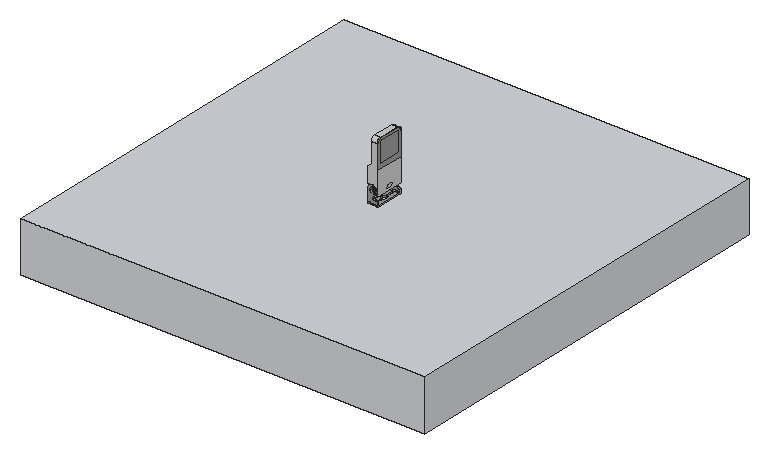
Revit family "LAMP_MINI FLUT G2 STREET", category Modelos genéricos, Revit 2015
Parameters (values of type "3126LM 4000 ANTHRACITE")
  Weight = 4.104 kg
  Type = "HIGH POWER PHILIPS"
  Tilting angle [instance] = 90.00°
  Tilting [instance] = if(Tilting angle = 0.00°, 1.00°, if(Tilting angle > 120.00°, 120.00°, if(Tilting angle < -30.00°, 120.00°, if(Tilting angle < 0.00°, 90.00° - Tilting angle, Tilting angle))))  # 90.00°
  Protection rating = "IP66 / IK06"
  Product datasheet = "http://www.lamp.es/product-files/TECH/MF235ST740NA-EN.pdf"
  Product code = "MF235ST740NA"
  Product URL = "https://www.lamp.es/en/family/flut_33511"
  Power Supply = "220-240V 50-60Hz"
  Power = 23 W
  Plum = 25.5 W
  Photometric web file = Cuerpo MiniFlut G2 - Street : 3126LM 4000 ANTHRACITE
  Modelo = Product code  # "MF235ST740NA"
  Model explanation = "Availability of tilting between 0º and -30º (or 120º) when placed in a project."
  Material cuerpo = LAMP_Aluminio Cuerpo Flut GR
  Material Rótula = LAMP_Acero inoxidable AISI 304
  Manufacturer name = "LAMP"
  Manufacturer country = "Spain"
  Manufacturer URL = "http://www.lamp.es/en"
  MacAdam = "4"
  Luminaire type = "OUTDOOR - FLOODLIGHT"
  Last update = "20/08/2019"
  Lamp = "HIGH POWER LED"
  LED Lifetime = "50.000 L90 B10"
  Insulation class = "I"
  Installation instructions = "https://www.lamp.es/product-files/INS/1004710-A-INSTR.%20MINI%20FLUT%20G2.pdf"
  Initial intensity = 3126 lm
  Initial color = 4000 K
  IEE = "A++"
  Gear = "Electronic"
  Finish = "Textured anthracite grey"
  Fabricante = Manufacturer name  # "LAMP"
  Default Elevation = 1219.2 mm
  Efficacy = 122.6 lm/W
  Dimensions = "369 x 176 x 60"
  Descripción = "MINI FLUT G2 3500 NW STREET ANT."
  CRI = "70"
Types (4, lengths in mm): name | Product datasheet | Product code | Power | Plum | Photometric web file | Modelo | LED Lifetime | Initial intensity | IEE | Finish | Efficacy | Descripción
  3126LM 4000 ANTHRACITE | "http://www.lamp.es/product-files/TECH/MF235ST740NA-EN.pdf" | "MF235ST740NA" | 23 W | 25.5 W | Cuerpo MiniFlut G2 - Street : 3126LM 4000 ANTHRACITE | "MF235ST740NA" | "50.000 L90 B10" | 3126 lm | "A++" | "Textured anthracite grey" | 122.6 lm/W | "MINI FLUT G2 3500 NW STREET ANT."
  3126LM 4000 GREY | "http://www.lamp.es/product-files/TECH/MF235ST740NG-EN.pdf" | "MF235ST740NG" | 23 W | 25.5 W | Cuerpo MiniFlut G2 - Street : 3126LM 4000 GREY | "MF235ST740NG" | "50.000 L90 B10" | 3126 lm | "A++" | "Texturised grey" | 122.6 lm/W | "MINI FLUT G2 3500 NW STREET GR."
  5546LM 4000 ANTHRACITE | "http://www.lamp.es/product-files/TECH/MF265ST740NA-EN.pdf" | "MF265ST740NA" | 44 W | 48.7 W | Cuerpo MiniFlut G2 - Street : 5546LM 4000 ANTHRACITE | "MF265ST740NA" | "60.000 L80 B10" | 5546 lm | "A+" | "Textured anthracite grey" | 113.9 lm/W | "MINI FLUT G2 6500 NW STREET ANT."
  5546LM 4000 GREY | "http://www.lamp.es/product-files/TECH/MF265ST740NG-EN.pdf" | "MF265ST740NG" | 44 W | 48.7 W | Cuerpo MiniFlut G2 - Street : 5546LM 4000 GREY | "MF265ST740NG" | "60.000 L80 B10" | 5546 lm | "A+" | "Texturised grey" | 113.9 lm/W | "MINI FLUT G2 6500 NW STREET GR."
Reference planes
  plane 1 "Centro (Frontal/Posterior)": y = 0
  plane 2: z = 0
  plane 3 "Centro (Izquierda/Derecha)": x = 0
Forms (mm)
  Extrusion 1, solid
    sketch origin (0, 0, 0) x (1, 0, 0) y (0, 1, 0)
      loop
        line (-1219.2, 1219.2) -> (-1219.2, -1219.2) -> (1219.2, -1219.2) -> (1219.2, 1219.2) -> (-1219.2, 1219.2)
    from 0 to -304.8
  Extrusion 2, solid, material "LAMP_Acero inoxidable AISI 304" <- "Material Rótula"
    sketch origin (0, 0, 0) x (1, 0, 0) y (0, 0, 1)
      loop
        line (-30, 0) -> (30, 0) -> (30, 24) -> (1.866, 40.243)
        arc (1.866, 40.243) -> (1.4, 40.851) -> (1.499, 41.609) r 1
        line (1.499, 41.609) -> (17.741, 69.741)
        arc (17.741, 69.741) -> (3.441, 108.913) -> (-30, 84) r 26
        line (-30, 84) -> (-30, 0)
      loop
        arc (-4.884, 104.481) -> (-5.964, 103.952) -> (-6.308, 102.8) r 1.5
        line (-6.308, 102.8) -> (-5.758, 98.315)
        arc (-5.758, 98.315) -> (-5.252, 97.365) -> (-4.241, 96.998) r 1.5
        arc (-4.241, 96.998) -> (7.873, 89.294) -> (5.508, 75.134) r 13
        arc (5.508, 75.134) -> (5.105, 74.085) -> (5.544, 73.05) r 1.5
        line (5.544, 73.05) -> (8.727, 69.867)
        arc (8.727, 69.867) -> (9.808, 69.428) -> (10.877, 69.896) r 1.5
        arc (10.877, 69.896) -> (14.654, 92.501) -> (-4.884, 104.481) r 20.5
    from -88 to 88
  Extrusion 3, void
    sketch origin (0, 0, 0) x (0, 1, 0) y (0, 0, 1)
      loop
        line (-83, 131) -> (-83, 10)
        arc (-83, 10) -> (-81.536, 6.464) -> (-78, 5) r 5
        line (-78, 5) -> (78, 5)
        arc (78, 5) -> (81.536, 6.464) -> (83, 10) r 5
        line (83, 10) -> (83, 131) -> (-83, 131)
      loop
        arc (88, 10) -> (85.071, 2.929) -> (78, 0) r 10
        line (78, 0) -> (78, -5) -> (93, -5) -> (93, 10) -> (88, 10)
      loop
        line (-88, 10) -> (-93, 10) -> (-93, -5) -> (-78, -5) -> (-78, 0)
        arc (-78, 0) -> (-85.071, 2.929) -> (-88, 10) r 10
    from -30 to 30
  Blend 4, void
    base sketch origin (0, 0, 0) x (1, 0, 0) y (0, 0, 1)
      loop
        circle (-4, 83.75) r 6.25
    top sketch origin (0, 0, 0) x (1, 0, 0) y (0, 0, 1)
      loop
        circle (-4, 83.75) r 10.75
    from 83 to 88
  Extrusion 5, void
    sketch origin (0, 0, 0) x (1, 0, 0) y (0, 1, 0)
      loop
        circle (0, 0) r 17.5
      loop
        line (-5.15, 63) -> (-5.15, 27)
        arc (-5.15, 27) -> (0, 21.85) -> (5.15, 27) r 5.15
        line (5.15, 27) -> (5.15, 63)
        arc (5.15, 63) -> (0, 68.15) -> (-5.15, 63) r 5.15
      loop
        arc (-5.15, -63) -> (0, -68.15) -> (5.15, -63) r 5.15
        line (5.15, -63) -> (5.15, -27)
        arc (5.15, -27) -> (0, -21.85) -> (-5.15, -27) r 5.15
        line (-5.15, -27) -> (-5.15, -63)
    from 0 to 5
  Blend 6, void
    base sketch origin (0, 0, 0) x (1, 0, 0) y (0, 0, -1)
      loop
        circle (-4, -83.75) r 6.25
    top sketch origin (0, 0, 0) x (1, 0, 0) y (0, 0, -1)
      loop
        circle (-4, -83.75) r 10.8
    from 83 to 88
  Extrusion 7, solid, material "LAMP_Aluminio Cuerpo Flut GR" <- "Material cuerpo"
    sketch origin (29.441, 140.99, 113.067) x (0, 0, 1) y (0, -1, 0)
      loop
        arc (-37.083, 158.241) -> (-37.555, 158.046) -> (-37.75, 157.574) r 0.667
        line (-37.75, 157.574) -> (-37.75, 153.512)
        arc (-37.75, 153.512) -> (-37.621, 153.109) -> (-37.282, 152.856) r 0.693
        line (-37.282, 152.856) -> (-25.474, 148.793) -> (-37.218, 144.753)
        arc (-37.218, 144.753) -> (-37.536, 144.515) -> (-37.657, 144.137) r 0.651
        line (-37.657, 144.137) -> (-37.657, 141.211)
        arc (-37.657, 141.211) -> (-37.466, 140.75) -> (-37.005, 140.559) r 0.652
        line (-37.005, 140.559) -> (-25.4, 140.559) -> (-29.074, 136.885) -> (-25.4, 133.212) -> (-37.117, 133.212)
        arc (-37.117, 133.212) -> (-37.565, 133.026) -> (-37.75, 132.578) r 0.633
        line (-37.75, 132.578) -> (-37.75, 128.035)
        arc (-37.75, 128.035) -> (-37.549, 127.551) -> (-37.065, 127.35) r 0.685
        line (-37.065, 127.35) -> (-25.968, 127.35)
        arc (-25.968, 127.35) -> (-25.5, 127.156) -> (-25.306, 126.687) r 0.662
        line (-25.306, 126.687) -> (-25.306, 123.606)
        arc (-25.306, 123.606) -> (-25.506, 123.123) -> (-25.988, 122.923) r 0.682
        line (-25.988, 122.923) -> (-28.317, 122.923)
        arc (-28.317, 122.923) -> (-28.796, 123.122) -> (-28.995, 123.601) r 0.678
        line (-28.995, 123.601) -> (-28.995, 126.439)
        arc (-28.995, 126.439) -> (-29.732, 127.177) -> (-30.47, 126.439) r 0.738
        line (-30.47, 126.439) -> (-30.47, 122.109)
        arc (-30.47, 122.109) -> (-30.276, 121.642) -> (-29.809, 121.448) r 0.661
        line (-29.809, 121.448) -> (-24.525, 121.448)
        arc (-24.525, 121.448) -> (-24.034, 121.651) -> (-23.83, 122.142) r 0.694
        line (-23.83, 122.142) -> (-23.83, 128.14)
        arc (-23.83, 128.14) -> (-24.031, 128.625) -> (-24.516, 128.825) r 0.685
        line (-24.516, 128.825) -> (-35.608, 128.825)
        arc (-35.608, 128.825) -> (-36.093, 129.026) -> (-36.294, 129.511) r 0.686
        line (-36.294, 129.511) -> (-36.294, 131.029)
        arc (-36.294, 131.029) -> (-36.094, 131.511) -> (-35.612, 131.711) r 0.682
        line (-35.612, 131.711) -> (-25.189, 131.711)
        arc (-25.189, 131.711) -> (-23.701, 132.781) -> (-24.243, 134.531) r 1.569
        line (-24.243, 134.531) -> (-26.597, 136.885) -> (-24.243, 139.24)
        arc (-24.243, 139.24) -> (-23.701, 140.99) -> (-25.189, 142.06) r 1.569
        line (-25.189, 142.06) -> (-35.084, 142.06)
        arc (-35.084, 142.06) -> (-35.919, 142.767) -> (-35.359, 143.707) r 0.847
        line (-35.359, 143.707) -> (-24.593, 147.41)
        arc (-24.593, 147.41) -> (-23.65, 148.731) -> (-24.593, 150.053) r 1.397
        line (-24.593, 150.053) -> (-35.83, 153.917)
        arc (-35.83, 153.917) -> (-36.166, 154.168) -> (-36.294, 154.567) r 0.688
        line (-36.294, 154.567) -> (-36.294, 156.11)
        arc (-36.294, 156.11) -> (-36.102, 156.574) -> (-35.638, 156.766) r 0.656
        line (-35.638, 156.766) -> (-24.49, 156.766)
        arc (-24.49, 156.766) -> (-23.752, 157.504) -> (-24.49, 158.241) r 0.738
        line (-24.49, 158.241) -> (-37.083, 158.241)
    from 0.559 to 1.6
Cuts and joins
  Extrusion 3, Blend 4, Extrusion 5, Blend 6 cuts Extrusion 2
Text (mm)
  text "Any modification of the parameters and properties of the LAMP BIM models must be executed and validated by the LAMP technical department.\n\nPhone: +34 93 736 68 00\n\nE-mail: lamp@lamp.es\n\n\n\nLAMP reserves the right to modify the technical specifications of its products." at (-19092.501, 15531.228, -5809.229), in view "Preview"
Dimensions and locks
  aligned and locked: plane 2 to Extrusion 1
  aligned and locked: level to Extrusion 1
Nested families
  nested 1: "Cuerpo MiniFlut G2 - Street" at (-3.959, 0, -1416.007) x (-1, 0, 0) z (0, 0, 1), type <- "Photometric web file", type "3126LM 4000 ANTHRACITE"
Connectors
  electrical at (0, 0, 5)
    settings: on cut or joined group of Extrusion 2, Extrusion 3, Blend 4, Extrusion 5, Blend 6, index 1, voltage 230 V, apparent load 0 VA, apparent load phase1 0 VA, apparent load phase2 0 VA, apparent load phase3 0 VA, power factor 1, load classification "Otro", number of poles 1, system type 31, power factor state 1, is connector primary yes, connector utility no, sub classification motor no, connector description ""
Definition of nested family "Cuerpo MiniFlut G2 - Street"
  Parameters (values of type "3126LM 4000 ANTHRACITE")
    Tilt Angle = Tilting - 90.00°  # 0.00°
    Wattage = 25.5 W
    Tilting = 90.00°
    built-in parameter 1150107 = 4000 (stored number, unit not read)
    built-in parameter 1150110 = 1 (stored number, unit not read)
    built-in parameter 1150109 = 1 (stored number, unit not read)
    built-in parameter 1150112 = 1 (stored number, unit not read)
    built-in parameter 1150113 = 1 (stored number, unit not read)
    built-in parameter 1114218 = 1 (stored number, unit not read)
    built-in parameter 1150137 = (empty or 0)
    built-in parameter 1150132 = 2
    Material Opticas = none
    Material Cristal Transparente = none
    Material Cuerpo = none
    Material Cristal Serigrafiado = none
    built-in parameter 1150105 = 248.78 (stored number, unit not read)
    built-in parameter 1150102 = (empty or 0)
    built-in parameter 1150106 = 2.4878 (stored number, unit not read)
    Lumens = 3126.3 lm
    Color Filter = 16777215
    built-in parameter 1114217 = 1 (stored number, unit not read)
    built-in parameter 1150139 = (empty or 0)
    built-in parameter 1150104 = 11.39 (stored number, unit not read)
    built-in parameter 1150115 = 1 (stored number, unit not read)
    built-in parameter 1150114 = 1 (stored number, unit not read)
    built-in parameter 1150138 = (empty or 0)
    built-in parameter 1150134 = 12
    Dimming Lamp Color Temperature Shift = (empty or 0)
    Photometric Web File = "MF235ST740NA_180.IES"
    built-in parameter 1150133 = 10 (stored number, unit not read)
  Types (4, lengths in mm): name | Wattage | built-in parameter 1150105 | built-in parameter 1150106 | Lumens | built-in parameter 1150104 | Photometric Web File
    3126LM 4000 ANTHRACITE | 25.5 W | 248.78 (stored number, unit not read) | 2.4878 (stored number, unit not read) | 3126.3 lm | 11.39 (stored number, unit not read) | "MF235ST740NA_180.IES"
    3126LM 4000 GREY | 25.5 W | 248.78 (stored number, unit not read) | 2.4878 (stored number, unit not read) | 3126.3 lm | 11.39 (stored number, unit not read) | "MF235ST740NG_180.IES"
    5546LM 4000 ANTHRACITE | 48.7 W | 4749.1 (stored number, unit not read) | 47.491 (stored number, unit not read) | 5546.93 lm | 10.582 (stored number, unit not read) | "MF265ST740NA_180.IES"
    5546LM 4000 GREY | 48.7 W | 4749.1 (stored number, unit not read) | 47.491 (stored number, unit not read) | 5546.93 lm | 10.582 (stored number, unit not read) | "MF265ST740NG_180.IES"
  Reference planes
    plane 1 "Eje de origen de luz (F/P)": y = 0
    plane 2: z = 0
    plane 3 "Eje de origen de luz (I/D)": x = 0
    plane 4 "Elevación de origen de luz": z = 1500
  Forms (mm)
    Extrusion 1, solid, material <- "Material Cuerpo"
      sketch origin (0, 0, 1500) x (0, 0, 1) y (1, 0, 0)
        loop
          line (-26.4, -33.4) -> (284.25, -33.4) -> (284.25, 3.6) -> (141.25, 3.6) -> (118.25, 26.6) -> (-26.4, 26.6) -> (-26.4, -33.4)
      from -87.4 to 87.4
    Extrusion 2, void
      sketch origin (0, 0, 1500) x (0, 0, -1) y (1, 0, 0)
        loop
          line (26.4, -26.5) -> (26.4, 26.6) -> (-26.6, 26.6) -> (-26.6, 3.6)
          arc (-26.6, 3.6) -> (-19.155, -17.548) -> (1.4, -26.5) r 28.073
          line (1.4, -26.5) -> (26.4, -26.5)
      from -87.4 to -77.4
    Extrusion 3, void
      sketch origin (0, 0, 1500) x (0, 0, -1) y (-1, 0, 0)
        loop
          line (26.4, 26.5) -> (1.4, 26.5)
          arc (1.4, 26.5) -> (-19.155, 17.548) -> (-26.6, -3.6) r 28.073
          line (-26.6, -3.6) -> (-26.6, -26.6) -> (26.4, -26.6) -> (26.4, 26.5)
      from -87.4 to -77.4
    Extrusion 4, void
      sketch origin (0, 0, 1500) x (0, 0, -1) y (0, 1, 0)
        loop
          line (-28.6, -83.4) -> (-28.6, -75.4) -> (22.4, -75.4)
          arc (22.4, -75.4) -> (23.814, -74.814) -> (24.4, -73.4) r 2
          line (24.4, -73.4) -> (24.4, 73.4)
          arc (24.4, 73.4) -> (23.814, 74.814) -> (22.4, 75.4) r 2
          line (22.4, 75.4) -> (-28.6, 75.4) -> (-28.6, 83.4)
          arc (-28.6, 83.4) -> (-29.186, 84.814) -> (-30.6, 85.4) r 2
          line (-30.6, 85.4) -> (-114.25, 85.4)
          arc (-114.25, 85.4) -> (-115.664, 84.814) -> (-116.25, 83.4) r 2
          line (-116.25, 83.4) -> (-116.25, -83.4)
          arc (-116.25, -83.4) -> (-115.664, -84.814) -> (-114.25, -85.4) r 2
          line (-114.25, -85.4) -> (-30.6, -85.4)
          arc (-30.6, -85.4) -> (-29.186, -84.814) -> (-28.6, -83.4) r 2
        loop
          arc (22.9, 68.9) -> (21.436, 72.436) -> (17.9, 73.9) r 5
          line (17.9, 73.9) -> (-30.1, 73.9) -> (-30.1, 78.9)
          arc (-30.1, 78.9) -> (-31.564, 82.436) -> (-35.1, 83.9) r 5
          line (-35.1, 83.9) -> (-109.75, 83.9)
          arc (-109.75, 83.9) -> (-113.286, 82.436) -> (-114.75, 78.9) r 5
          line (-114.75, 78.9) -> (-114.75, -78.9)
          arc (-114.75, -78.9) -> (-113.286, -82.436) -> (-109.75, -83.9) r 5
          line (-109.75, -83.9) -> (-35.1, -83.9)
          arc (-35.1, -83.9) -> (-31.564, -82.436) -> (-30.1, -78.9) r 5
          line (-30.1, -78.9) -> (-30.1, -73.9) -> (17.9, -73.9)
          arc (17.9, -73.9) -> (21.436, -72.436) -> (22.9, -68.9) r 5
          line (22.9, -68.9) -> (22.9, 68.9)
      from 22.1 to 26.6
    Extrusion 5, void
      sketch origin (0, 0, 1500) x (0, 0, -1) y (0, 1, 0)
        loop
          line (-259.25, 87.4) -> (-259.25, 97.4) -> (-294.25, 97.4) -> (-294.25, 62.4) -> (-284.25, 62.4)
          arc (-284.25, 62.4) -> (-276.928, 80.078) -> (-259.25, 87.4) r 25
        loop
          arc (-259.25, -87.4) -> (-276.928, -80.078) -> (-284.25, -62.4) r 25
          line (-284.25, -62.4) -> (-294.25, -62.4) -> (-294.25, -97.4) -> (-259.25, -97.4) -> (-259.25, -87.4)
      from -34 to 4
    Extrusion 6, void
      sketch origin (0, 0, 1500) x (0, 0, -1) y (0, 1, 0)
        loop
          arc (-270.05, -62) -> (-267.121, -69.071) -> (-260.05, -72) r 10
          line (-260.05, -72) -> (-154.05, -72)
          arc (-154.05, -72) -> (-146.979, -69.071) -> (-144.05, -62) r 10
          line (-144.05, -62) -> (-144.05, 62)
          arc (-144.05, 62) -> (-146.979, 69.071) -> (-154.05, 72) r 10
          line (-154.05, 72) -> (-260.05, 72)
          arc (-260.05, 72) -> (-267.121, 69.071) -> (-270.05, 62) r 10
          line (-270.05, 62) -> (-270.05, -62)
      from -33.4 to 0
    Extrusion 7, void
      sketch origin (0, 0, 1500) x (0, 0, -1) y (0, -1, 0)
        loop
          arc (-282.05, -61.5) -> (-275.46, -77.41) -> (-259.55, -84) r 22.5
          line (-259.55, -84) -> (-116.05, -84) -> (-116.05, 84) -> (-259.55, 84)
          arc (-259.55, 84) -> (-275.46, 77.41) -> (-282.05, 61.5) r 22.5
          line (-282.05, 61.5) -> (-282.05, -61.5)
        loop
          arc (-270.05, -62) -> (-267.121, -69.071) -> (-260.05, -72) r 10
          line (-260.05, -72) -> (-154.05, -72)
          arc (-154.05, -72) -> (-146.979, -69.071) -> (-144.05, -62) r 10
          line (-144.05, -62) -> (-144.05, 62)
          arc (-144.05, 62) -> (-146.979, 69.071) -> (-154.05, 72) r 10
          line (-154.05, 72) -> (-260.05, 72)
          arc (-260.05, 72) -> (-267.121, 69.071) -> (-270.05, 62) r 10
          line (-270.05, 62) -> (-270.05, -62)
      from 34 to 29.3
    Extrusion 8, solid, material <- "Material Cristal Serigrafiado"
      sketch origin (0, 0, 1500) x (0, 0, 1) y (-1, 0, 0)
        loop
          line (116.05, 33.4) -> (116.05, 29.3) -> (282.05, 29.3) -> (282.05, 33.4) -> (116.05, 33.4)
      from -84 to 84
    Extrusion 9, void
      sketch origin (0, 0, 1500) x (0, 0, -1) y (0, -1, 0)
        loop
          line (-259.55, 84) -> (-259.55, 94) -> (-292.05, 94) -> (-292.05, 61.5) -> (-282.05, 61.5)
          arc (-282.05, 61.5) -> (-275.46, 77.41) -> (-259.55, 84) r 22.5
        loop
          arc (-259.55, -84) -> (-275.46, -77.41) -> (-282.05, -61.5) r 22.5
          line (-282.05, -61.5) -> (-292.05, -61.5) -> (-292.05, -94) -> (-259.55, -94) -> (-259.55, -84)
      from 26.5 to 33.4
    Extrusion 10, solid, material <- "Material Opticas"
      sketch origin (0, 0, 1500) x (0, 0, 1) y (-1, 0, 0)
        loop
          line (260, 29.3) -> (154.1, 29.3) -> (154.1, 0) -> (260, 0) -> (260, 29.3)
      from -52.2 to 52.2
    Extrusion 11, void
      sketch origin (0, 0, 1500) x (0, 0, -1) y (0, -1, 0)
        loop
          line (-258.2, 50.4) -> (-258.2, 25.95) -> (-233.4, 25.95) -> (-233.4, 50.4) -> (-258.2, 50.4)
        loop
          line (-232.4, 50.4) -> (-232.4, 25.95) -> (-207.6, 25.95) -> (-207.6, 50.4) -> (-232.4, 50.4)
        loop
          line (-206.6, 50.4) -> (-206.6, 25.95) -> (-181.8, 25.95) -> (-181.8, 50.4) -> (-206.6, 50.4)
        loop
          line (-180.8, 50.4) -> (-180.8, 25.95) -> (-155.9, 25.95) -> (-155.9, 50.4) -> (-180.8, 50.4)
        loop
          line (-258.2, -50.4) -> (-233.4, -50.4) -> (-233.4, -25.95) -> (-258.2, -25.95) -> (-258.2, -50.4)
        loop
          line (-232.4, -50.4) -> (-207.6, -50.4) -> (-207.6, -25.95) -> (-232.4, -25.95) -> (-232.4, -50.4)
        loop
          line (-206.6, -50.4) -> (-181.8, -50.4) -> (-181.8, -25.95) -> (-206.6, -25.95) -> (-206.6, -50.4)
        loop
          line (-180.8, -50.4) -> (-155.9, -50.4) -> (-155.9, -25.95) -> (-180.8, -25.95) -> (-180.8, -50.4)
        loop
          line (-155.9, 24.95) -> (-180.8, 24.95) -> (-180.8, 0.5) -> (-155.9, 0.5) -> (-155.9, 24.95)
        loop
          line (-155.9, -0.5) -> (-180.8, -0.5) -> (-180.8, -24.95) -> (-155.9, -24.95) -> (-155.9, -0.5)
        loop
          line (-258.2, 24.95) -> (-258.2, 0.5) -> (-233.4, 0.5) -> (-233.4, 24.95) -> (-258.2, 24.95)
        loop
          line (-258.2, -0.5) -> (-258.2, -24.95) -> (-233.4, -24.95) -> (-233.4, -0.5) -> (-258.2, -0.5)
        loop
          line (-232.4, 24.95) -> (-232.4, 0.5) -> (-207.6, 0.5) -> (-207.6, 24.95) -> (-232.4, 24.95)
        loop
          line (-232.4, -0.5) -> (-232.4, -24.95) -> (-207.6, -24.95) -> (-207.6, -0.5) -> (-232.4, -0.5)
        loop
          line (-206.6, -24.95) -> (-181.8, -24.95) -> (-181.8, -0.5) -> (-206.6, -0.5) -> (-206.6, -24.95)
        loop
          line (-206.6, 0.5) -> (-181.8, 0.5) -> (-181.8, 24.95) -> (-206.6, 24.95) -> (-206.6, 0.5)
      from 0 to 26.5
    Extrusion 12, solid, material <- "Material Cristal Transparente"
      sketch origin (0, 0, 1500) x (0, 0, 1) y (-1, 0, 0)
        loop
          line (270.05, 33.4) -> (144.05, 33.4) -> (144.05, 29.3) -> (270.05, 29.3) -> (270.05, 33.4)
      from -72 to 72
    Extrusion 13, void
      sketch origin (0, 0, 1500) x (0, 0, -1) y (0, -1, 0)
        loop
          arc (-260.05, -72) -> (-267.121, -69.071) -> (-270.05, -62) r 10
          line (-270.05, -62) -> (-275.05, -62) -> (-275.05, -77) -> (-260.05, -77) -> (-260.05, -72)
        loop
          arc (-270.05, 62) -> (-267.121, 69.071) -> (-260.05, 72) r 10
          line (-260.05, 72) -> (-260.05, 77) -> (-275.05, 77) -> (-275.05, 62) -> (-270.05, 62)
        loop
          arc (-154.05, 72) -> (-146.979, 69.071) -> (-144.05, 62) r 10
          line (-144.05, 62) -> (-139.05, 62) -> (-139.05, 77) -> (-154.05, 77) -> (-154.05, 72)
        loop
          arc (-144.05, -62) -> (-146.979, -69.071) -> (-154.05, -72) r 10
          line (-154.05, -72) -> (-154.05, -77) -> (-139.05, -77) -> (-139.05, -62) -> (-144.05, -62)
      from 29.3 to 33.4
    Extrusion 14, void
      sketch origin (0, 0, 1500) x (0, 0, -1) y (0, -1, 0)
        loop
          arc (-270.05, -62) -> (-267.121, -69.071) -> (-260.05, -72) r 10
          line (-260.05, -72) -> (-154.05, -72)
          arc (-154.05, -72) -> (-146.979, -69.071) -> (-144.05, -62) r 10
          line (-144.05, -62) -> (-144.05, 62)
          arc (-144.05, 62) -> (-146.979, 69.071) -> (-154.05, 72) r 10
          line (-154.05, 72) -> (-260.05, 72)
          arc (-260.05, 72) -> (-267.121, 69.071) -> (-270.05, 62) r 10
          line (-270.05, 62) -> (-270.05, -62)
      from 26.5 to 33.4
  Cuts and joins
    Extrusion 2, Extrusion 3, Extrusion 4, Extrusion 5, Extrusion 6, Extrusion 7 cuts Extrusion 1
    Extrusion 9, Extrusion 14 cuts Extrusion 8
    Extrusion 11, Extrusion 14 cuts Extrusion 10
    Extrusion 13 cuts Extrusion 12
  Lines and regions (mm)
    reference lines
      curve 1: line (0, 0, 1500) -> (0, 0, 2280)
      curve 2: line (-60, 0, 1707.05) -> (0, 0, 1707.05)
  Dimensions and locks
    "Tilting": angle plane 4 "Elevación de origen de luz" to curve 1
    aligned and locked: level to plane 2
    aligned and locked: plane 3 "Eje de origen de luz (I/D)" to curve 1
    aligned and locked: plane 4 "Elevación de origen de luz" to curve 1
    aligned and locked: imposter light to curve 2  (x2)
  Automatic sketch dimensions
    Extrusion 2 sketch curve to curve 1 = 26.6 mm
    curve 1 to Extrusion 2 sketch curve = 1.4 mm
    Extrusion 2 sketch curve to Extrusion 2 sketch curve = 25 mm
    Extrusion 2 sketch curve to curve 1 = 26.5 mm
    curve 1 to Extrusion 2 sketch curve = 1.573 mm
    curve 1 to Extrusion 2 sketch curve = 26.6 mm
    Extrusion 3 sketch curve to curve 1 = 26.6 mm  (x2)
    curve 1 to Extrusion 3 sketch curve = 1.4 mm
    Extrusion 3 sketch curve to Extrusion 3 sketch curve = 25 mm
    Extrusion 3 sketch curve to curve 1 = 3.6 mm
    Extrusion 3 sketch curve to curve 1 = 1.573 mm
    curve 2 to curve 1 = 0 mm
    curve 1 to curve 2 = 207.05 mm
    curve 2 to curve 2 = 60 mm
    Extrusion 1 sketch curve to curve 1 = 26.4 mm
    Extrusion 1 sketch curve to curve 1 = 26.6 mm
    curve 1 to Extrusion 1 sketch curve = 118.25 mm
    curve 1 to Extrusion 1 sketch curve = 33.4 mm
    Extrusion 1 sketch curve to Extrusion 1 sketch curve = 166 mm
    Extrusion 1 sketch curve to Extrusion 1 sketch curve = 23 mm
    Extrusion 1 sketch curve to curve 1 = 3.6 mm
    Extrusion 7 sketch curve to curve 1 = 61.5 mm
    Extrusion 7 sketch curve to curve 1 = 282.05 mm
    Extrusion 7 sketch curve to Extrusion 7 sketch curve = 12 mm
    Extrusion 7 sketch curve to Extrusion 7 sketch curve = 10 mm  (x4)
    Extrusion 7 sketch curve to Extrusion 7 sketch curve = 0.5 mm  (x3)
    Extrusion 7 sketch curve to curve 1 = 62 mm
    Extrusion 7 sketch curve to Extrusion 7 sketch curve = 105.5 mm
    Extrusion 7 sketch curve to Extrusion 7 sketch curve = 38 mm
    curve 1 to Extrusion 7 sketch curve = 61.5 mm
    Extrusion 6 sketch curve to curve 1 = 62 mm
    Extrusion 6 sketch curve to curve 1 = 270.05 mm
    Extrusion 6 sketch curve to Extrusion 6 sketch curve = 10 mm  (x3)
    Extrusion 6 sketch curve to Extrusion 6 sketch curve = 106 mm  (x2)
    curve 1 to Extrusion 6 sketch curve = 62 mm
    Extrusion 5 sketch curve to curve 1 = 62.4 mm
    Extrusion 5 sketch curve to curve 1 = 294.25 mm
    curve 1 to Extrusion 5 sketch curve = 62.4 mm
    Extrusion 5 sketch curve to Extrusion 5 sketch curve = 0 mm
    Extrusion 5 sketch curve to Extrusion 5 sketch curve = 10 mm  (x3)
    Extrusion 5 sketch curve to Extrusion 5 sketch curve = 25 mm  (x2)
    Extrusion 5 sketch curve to Extrusion 5 sketch curve = 35 mm
    curve 1 to Extrusion 4 sketch curve = 83.4 mm
    Extrusion 4 sketch curve to curve 1 = 116.25 mm
    Extrusion 4 sketch curve to Extrusion 4 sketch curve = 1.5 mm  (x5)
    Extrusion 4 sketch curve to Extrusion 4 sketch curve = 0.5 mm  (x3)
    Extrusion 4 sketch curve to Extrusion 4 sketch curve = 2 mm
    Extrusion 4 sketch curve to Extrusion 4 sketch curve = 4.5 mm  (x9)
    Extrusion 4 sketch curve to curve 1 = 35.1 mm  (x2)
    Extrusion 4 sketch curve to Extrusion 4 sketch curve = 5 mm
    curve 1 to Extrusion 4 sketch curve = 17.9 mm  (x2)
    Extrusion 4 sketch curve to Extrusion 4 sketch curve = 3.5 mm
    Extrusion 4 sketch curve to curve 1 = 68.9 mm
    Extrusion 4 sketch curve to curve 1 = 78.9 mm
    Extrusion 8 sketch curve to curve 1 = 29.3 mm
    curve 1 to Extrusion 8 sketch curve = 116.05 mm
    Extrusion 8 sketch curve to curve 1 = 33.4 mm
    Extrusion 8 sketch curve to Extrusion 8 sketch curve = 166 mm
    Extrusion 9 sketch curve to curve 1 = 61.5 mm
    curve 1 to Extrusion 9 sketch curve = 259.55 mm
    Extrusion 9 sketch curve to Extrusion 9 sketch curve = 0 mm
    Extrusion 9 sketch curve to Extrusion 9 sketch curve = 22.5 mm  (x2)
    Extrusion 9 sketch curve to Extrusion 9 sketch curve = 10 mm  (x3)
    curve 1 to Extrusion 9 sketch curve = 61.5 mm
    Extrusion 9 sketch curve to Extrusion 9 sketch curve = 32.5 mm
    Extrusion 12 sketch curve to curve 1 = 33.4 mm
    curve 1 to Extrusion 12 sketch curve = 144.05 mm
    Extrusion 12 sketch curve to curve 1 = 29.3 mm
    Extrusion 12 sketch curve to Extrusion 12 sketch curve = 126 mm
    curve 1 to Extrusion 13 sketch curve = 139.05 mm
    Extrusion 13 sketch curve to Extrusion 13 sketch curve = 0 mm
    Extrusion 13 sketch curve to Extrusion 13 sketch curve = 5 mm  (x5)
    Extrusion 13 sketch curve to Extrusion 13 sketch curve = 15 mm  (x5)
    Extrusion 13 sketch curve to Extrusion 13 sketch curve = 106 mm  (x2)
    Extrusion 13 sketch curve to curve 1 = 62 mm  (x2)
    Extrusion 13 sketch curve to Extrusion 13 sketch curve = 10 mm  (x2)
    curve 1 to Extrusion 13 sketch curve = 62 mm  (x2)
    Extrusion 14 sketch curve to curve 1 = 62 mm
    curve 1 to Extrusion 14 sketch curve = 144.05 mm
    Extrusion 14 sketch curve to Extrusion 14 sketch curve = 10 mm  (x3)
    curve 1 to Extrusion 14 sketch curve = 62 mm
    Extrusion 14 sketch curve to Extrusion 14 sketch curve = 106 mm  (x2)
    Extrusion 11 sketch curve to curve 1 = 0.5 mm  (x4)
    curve 1 to Extrusion 11 sketch curve = 155.9 mm
    Extrusion 11 sketch curve to Extrusion 11 sketch curve = 0 mm  (x22)
    Extrusion 11 sketch curve to Extrusion 11 sketch curve = 24.9 mm  (x3)
    curve 1 to Extrusion 11 sketch curve = 0.5 mm  (x4)
    Extrusion 11 sketch curve to Extrusion 11 sketch curve = 1 mm  (x16)
    Extrusion 11 sketch curve to Extrusion 11 sketch curve = 24.8 mm  (x7)
    Extrusion 11 sketch curve to Extrusion 11 sketch curve = 24.45 mm  (x7)
    Extrusion 10 sketch curve to curve 1 = 0 mm
    Extrusion 10 sketch curve to curve 1 = 29.3 mm
    curve 1 to Extrusion 10 sketch curve = 154.1 mm
    Extrusion 10 sketch curve to Extrusion 10 sketch curve = 105.9 mm
